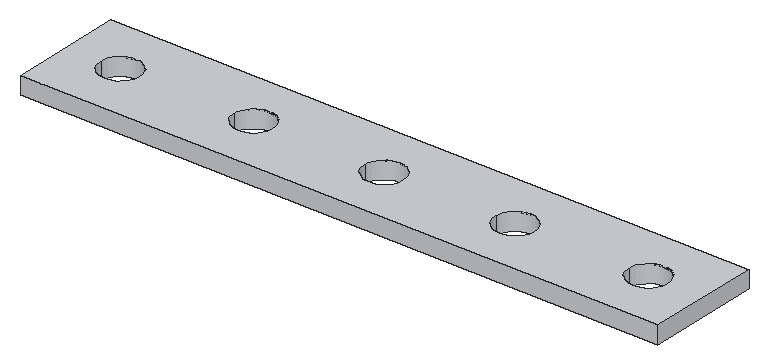
Revit family "Fitting-Flat_Plate-Unistrut-P1941", category Specialty Equipment, Revit 2012
Parameters (values of type "P1941")
  ecoScorecard_data = "http://products.ecoscorecard.com/atkore/P1941"
  ecoScorecard Product Page = "http://products.ecoscorecard.com/atkore/P1941?action=html"
  Weight Per Piece = 0.94 lbf
  Unit = none
  Unistrut Part Number = "P1941"  # constant formula
  URL = "http://unistrut.us/index.php"
  Thickness = 0' - 0 1/4"  # constant formula
  Subcategory = "Flat Plate Fittings"  # constant formula
  Product Page URL = "http://unistrut.us/index.php?WP=cat_detail&S=S05&P=P1941"
  Power Strut Part Number = "PS 889"  # constant formula
  Part Type = "Fitting"  # constant formula
  Overall Width = 0' - 1 5/8"  # constant formula
  Overall Length = 0' - 9 1/8"  # constant formula
  Model = "P1941"  # constant formula
  Material = ""
  Manufacturer Phone - Toll Free = "800-882-5543"  # constant formula
  Manufacturer Phone = "708-339-1610"  # constant formula
  Manufacturer Fax = "708-339-7814"  # constant formula
  Manufacturer Email = "mailto:questions@atkore.com"
  Manufacturer Address = "16100 South Lathrop Avenue, Harvey, IL 60426"  # constant formula
  Manufacturer = "Unistrut by Atkore International"  # constant formula
  Load Capacity Note = "Visit the product page for load application and capacity."  # constant formula
  Literature URL = "http://unistrut.us/index.php?WP=LItLibrary"
  Hole Diameter = 0' - 0 9/16"
  Cost Info = "mailto:questions@atkore.com"
  CAD URL = "http://unistrut.us/index.php?WP=CAD3d"
  Assembly Code = "D5020100"
  95 CSI = "16070"  # constant formula
  04 CSI = "26 05 48"  # constant formula
Reference planes (in)
  plane 1 "Center (Front/Back)": y = 0
  plane 2: z = 0
  plane 3 "Center (Left/Right)": x = 0
  plane 4: y = 0.8125
  plane 5: y = -0.8125
  plane 6: x = -4.5625
  plane 7: x = 4.5625
  plane 8: z = 0.25
  plane 9: x = 3.78125
  plane 10: x = 1.875
  plane 11: x = -1.875
  plane 12: x = -3.78125
Dimensions and locks (in)
  equal spacing: plane 6, plane 3 "Center (Left/Right)", plane 7
  "Overall Length": plane 6 to plane 7
  equal spacing: plane 4, plane 1 "Center (Front/Back)", plane 5
  "Overall Width": plane 4 to plane 5
  "Thickness": plane 8 to plane 2
  aligned and locked: level to plane 2
  aligned and locked: plane 3 "Center (Left/Right)" to nested 1
  aligned and locked: plane 1 "Center (Front/Back)" to nested 1  (x2)
  aligned and locked: plane 5 to nested 1
Nested families (in)
  nested 1: "P194" at (0, 0, 0), type "P194"
Definition of nested family "P194"
  Parameters (values of type "P194")
    Width = 0' - 1 5/8"
    Unit = none
    Thickness = 0' - 0 1/4"
    Radiuis = Diameter / 2  # 0' - 0 9/32"
    Length = 0' - 9 1/8"
    Diameter = 0' - 0 9/16"
  Reference planes (in)
    plane 1 "Center (Front/Back)": y = 0
    plane 2: z = 0
    plane 3 "Center (Left/Right)": x = 0
    plane 4: y = 0.8125
    plane 5: y = -0.8125
    plane 6: x = -4.5625
    plane 7: x = 4.5625
    plane 8: z = 0.25
    plane 9: z = 0.125
  Forms (in)
    Extrusion 1, solid, material <- "Unit"
      sketch origin (0, 0, 0) x (1, 0, 0) y (0, 1, 0)
        loop
          line (-4.5625, 0.8125) -> (-4.5625, -0.8125) -> (4.5625, -0.8125) -> (4.5625, 0.8125) -> (-4.5625, 0.8125)
        loop
          circle (0, 0) r 0.28125
        loop
          circle (1.875, 0) r 0.28125
        loop
          circle (3.78125, 0) r 0.28125
        loop
          circle (-1.875, 0) r 0.28125
        loop
          circle (-3.78125, 0) r 0.28125
      from 0 to 0.25
  Dimensions and locks (in)
    equal spacing: plane 6, plane 3 "Center (Left/Right)", plane 7
    "Length": plane 6 to plane 7
    equal spacing: plane 4, plane 1 "Center (Front/Back)", plane 5
    "Width": plane 4 to plane 5
    "Thickness": plane 8 to plane 2
    equal spacing: plane 8, plane 9, plane 2
    "Radiuis": radius of Extrusion 1 sketch curve  (x5)
    aligned and locked: level to plane 2
    aligned and locked: Extrusion 1 sketch curve to plane 6
    aligned and locked: Extrusion 1 sketch curve to plane 4
    aligned and locked: plane 5 to Extrusion 1 sketch curve
    aligned and locked: plane 7 to Extrusion 1 sketch curve
    aligned and locked: plane 3 "Center (Left/Right)" to Extrusion 1 sketch curve
    aligned and locked: plane 1 "Center (Front/Back)" to Extrusion 1 sketch curve  (x5)
    aligned and locked: Extrusion 1 to plane 2
    aligned and locked: plane 8 to Extrusion 1
  Automatic sketch dimensions
    plane 6 to Extrusion 1 sketch curve = 0' - 0 25/32"
    Extrusion 1 sketch curve to plane 3 "Center (Left/Right)" = 0' - 1 7/8"
    plane 3 "Center (Left/Right)" to Extrusion 1 sketch curve = 0' - 1 7/8"
    plane 7 to Extrusion 1 sketch curve = 0' - 0 25/32"
